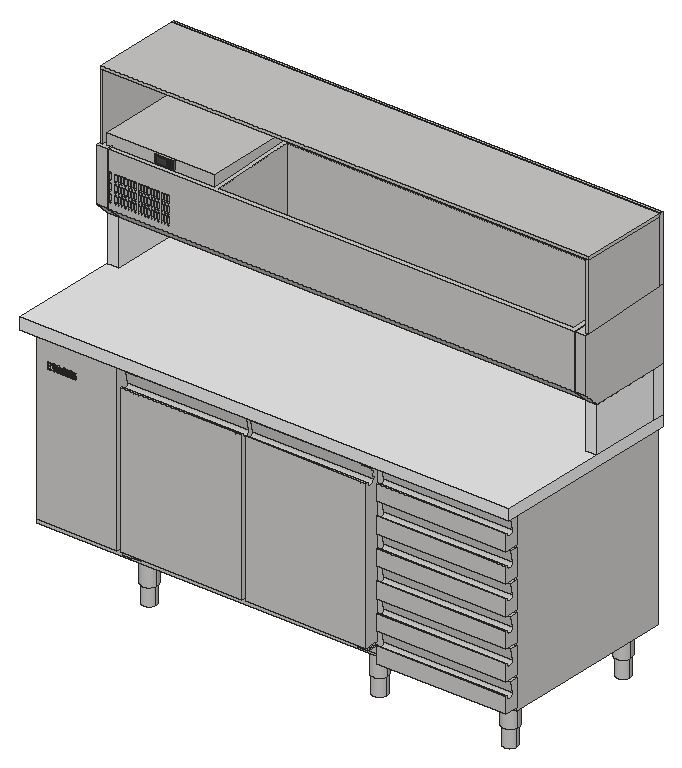
Revit family "QF_ELECTROLUXPROFESSIONAL_725188_RCSH2D6W", category Attrezzature speciali, Revit 2021
Family settings
  Quota connettore circolare = Usa diametro
  Tipo di parte = Normale
  Basato su piano di lavoro = No
  Sempre verticale = Sì
  Taglio con vuoti quando caricato = No
  Condiviso = No
  Punto di calcolo locali = No
Parameters (values of type "Standard")
  Weight = 331.00 kg
  Watts = 420 W
  Volts = 220 V
  URL Manufacturer = "https://www.electroluxprofessional.com/"
  URL = "https://www.electroluxprofessional.com/"
  Steam Supply Size = 0 mm
  Steam Supply Minimum Pressure = 0.0 Pa
  Steam Supply Maximum Pressure = 0.0 Pa
  Steam Consumption per Hour = 0
  Refrigeration Suction Line Size = 0 mm
  Refrigeration Liquid Line Size = 0 mm
  Refrigerant Compressor Remote = yes
  Prospetto di default = 0 mm
  Produttore = "Electrolux Professional"
  Phase = 1
  Modello = "RCSH2D6W"
  Length Actual = 1780 mm  # constant formula
  Item Number = "725188"
  Hot Water Size = 0 mm
  Height Actual = 1502 mm  # constant formula
  HP = "0.6 HP"
  Gas Size = 0 mm
  Gas KW = 0
  Gas Input Pressure = 0 W
  Direct Waste Size = 0 mm
  Descrizione = "REFRIGERATED COUNTER+SHOW CASE 2 DOORS 6 DRAWERS"
  Depth Actual = 700 mm  # constant formula
  Cycle = 50 Hz
  Condensate Return Size = 0 mm
  Compressed Air Volume = 0.0 L/s
  Compressed Air Size = 0 mm
  Compressed Air Pressure = 0.0 Pa
  Cold Water Size = 0 mm
  Accessory = yes
Reference planes
  plane 1: z = 0
  plane 2 "Center (Left/Right)": x = -86
  plane 3 "Center (Front/Back)": y = 64.5
  plane 4 "BACK": y = 414.5
  plane 5 "FRONT": y = -285.5
  plane 6 "LEFT": x = -976
  plane 7 "RIGHT": x = 804
  plane 8 "FEET": z = 150
  plane 9 "TOP": z = 840
  plane 10 "PLAIN": z = 800
  plane 11 "EI_back": y = 124.5
  plane 12 "EI_left": x = -892
  plane 13 "BorderBack": y = 412
  plane 14 "BorderFront": y = -283
  plane 15 "DOOR": y = -230.5
  plane 16 "BorderLeft": x = -961
  plane 17 "BorderRight": x = 789
  plane 18: x = -921
  plane 19: x = 696
  plane 20: z = 1005
  plane 21: z = 1502
  plane 22: y = 79.5
  plane 23: z = 1266
  plane 24: z = 1216
  plane 25: x = -588
  plane 26: x = 728
  plane 27: y = 331
  plane 28: y = -183
  plane 29 "DrainY": y = -26
  plane 30 "EIz": z = 1020.844
  plane 31 "DrainX": x = -166
  plane 32: x = 253
  plane 33: y = -683.115
  plane 34: y = -940.5
Forms (mm)
  Extrusion 1, solid, material "QF_Finishes_Stainless Steel"
    sketch origin (-1022.223, -1524, 150) x (-1, 0, 0) y (0, -1, 0)
      loop
        circle (-130.223, -1648.5) r 5
    from 870 to 865.223
  Extrusion 2, solid, material "QF_Finishes_Stainless Steel"
    sketch origin (-1022.223, -1524, 150) x (-1, 0, 0) y (0, -1, 0)
      loop
        line (-61.223, -1936) -> (-61.223, -1293.5) -> (-1811.223, -1293.5) -> (-1811.223, -1936) -> (-61.223, -1936)
    from 0 to 650
  Extrusion 3, solid, material "QF_Finished_Stone"
    sketch origin (-86, 0, 0) x (0, 1, 0) y (0, 0, 1)
      loop
        line (414.5, 800) -> (414.5, 840) -> (-285.5, 840) -> (-285.5, 800) -> (414.5, 800)
    from -890 to 890
  Extrusion 4, solid, material "QF_Finished_Stone"
    sketch origin (-86, 0, 0) x (0, 1, 0) y (0, 0, 1)
      loop
        line (414.5, 1005) -> (374.5, 1005) -> (374.5, 840) -> (414.5, 840) -> (414.5, 1005)
    from -890 to 890
  Extrusion 5, solid, material "QF_Finished_Stone"
    sketch origin (-976, 0, 0) x (0, 1, 0) y (0, 0, 1)
      loop
        line (374.5, 840) -> (374.5, 1005) -> (114.5, 1005) -> (114.5, 840) -> (374.5, 840)
    from 0 to 40
  Extrusion 6, solid, material "QF_Finished_Stone"
    sketch origin (804, 0, 0) x (0, 1, 0) y (0, 0, 1)
      loop
        line (374.5, 840) -> (374.5, 1005) -> (114.5, 1005) -> (114.5, 840) -> (374.5, 840)
    from 0 to -40
  Extrusion 7, solid, material "QF_Finishes_Stainless Steel"
    sketch origin (-976, 0, 0) x (0, 1, 0) y (0, 0, 1)
      loop
        line (414.5, 1005) -> (414.5, 1267.476) -> (64.5, 1249.81) -> (64.5, 1055) -> (114.5, 1005) -> (414.5, 1005)
    from 0 to 40
  Extrusion 8, solid, material "QF_Finishes_Stainless Steel"
    sketch origin (804, 0, 0) x (0, 1, 0) y (0, 0, 1)
      loop
        line (414.5, 1005) -> (414.5, 1267.476) -> (64.5, 1249.81) -> (64.5, 1055) -> (114.5, 1005) -> (414.5, 1005)
    from 0 to -40
  Extrusion 9, solid, material "QF_Finishes_Stainless Steel"
    sketch origin (-86, 0, 0) x (0, 1, 0) y (0, 0, 1)
      loop
        line (414.5, 1266.476) -> (414.5, 1502) -> (404.5, 1502) -> (404.5, 1266) -> (414.5, 1266.476)
    from 890 to -890
  Extrusion 10, solid, material "QF_Finishes_Stainless Steel"
    sketch origin (-86, 0, 0) x (0, 1, 0) y (0, 0, 1)
      loop
        line (414.5, 1502) -> (79.5, 1502) -> (79.5, 1492) -> (414.5, 1492) -> (414.5, 1502)
    from 890 to -890
  Extrusion 11, solid, material "QF_Finishes_Stainless Steel"
    sketch origin (-976, 0, 0) x (0, 1, 0) y (0, 0, 1)
      loop
        line (404.5, 1492) -> (79.5, 1492) -> (79.5, 1250.524) -> (404.5, 1266) -> (404.5, 1492)
    from 0 to 10
  Extrusion 12, solid, material "QF_Finishes_Stainless Steel"
    sketch origin (804, 0, 0) x (0, 1, 0) y (0, 0, 1)
      loop
        line (404.5, 1492) -> (79.5, 1492) -> (79.5, 1250.524) -> (404.5, 1266) -> (404.5, 1492)
    from 0 to -10
  Extrusion 13, solid, material "QF_Finishes_Stainless Steel"
    sketch origin (-976, 0, 0) x (0, 1, 0) y (0, 0, 1)
      loop
        line (414.5, 1005) -> (414.5, 1266.476) -> (64.5, 1249.81) -> (64.5, 1055) -> (114.5, 1005) -> (414.5, 1005)
    from 1740 to 40
  Extrusion 14, void
    sketch origin (-86, 0, 0) x (0, 1, 0) y (0, 0, 1)
      loop
        line (79.5, 1061.213) -> (120.713, 1020) -> (389.5, 1020) -> (389.5, 1265.286) -> (79.5, 1250.524) -> (79.5, 1061.213)
    from -460 to 835
  Extrusion 15, solid, material "QF_Finishes_Stainless Steel"
    sketch origin (-86, 0, 24.524) x (0, 1, 0) y (0, 0, 1)
      loop
        line (404.5, 1266) -> (79.5, 1266) -> (79.5, 1226) -> (404.5, 1241.476) -> (404.5, 1266)
    from -867 to -474.474
  Extrusion 16, void
    sketch origin (0, 64.5, 0) x (-1, 0, 0) y (0, 0, 1)
      loop
        arc (909.824, 1174.456) -> (905.824, 1178.456) -> (901.824, 1174.456) r 4
        line (901.824, 1174.456) -> (901.824, 1152.456)
        arc (901.824, 1152.456) -> (905.824, 1148.456) -> (909.824, 1152.456) r 4
        line (909.824, 1152.456) -> (909.824, 1174.456)
      loop
        arc (909.824, 1104.456) -> (905.824, 1108.456) -> (901.824, 1104.456) r 4
        line (901.824, 1104.456) -> (901.824, 1082.456)
        arc (901.824, 1082.456) -> (905.824, 1078.456) -> (909.824, 1082.456) r 4
        line (909.824, 1082.456) -> (909.824, 1104.456)
      loop
        arc (909.824, 1139.456) -> (905.824, 1143.456) -> (901.824, 1139.456) r 4
        line (901.824, 1139.456) -> (901.824, 1117.456)
        arc (901.824, 1117.456) -> (905.824, 1113.456) -> (909.824, 1117.456) r 4
        line (909.824, 1117.456) -> (909.824, 1139.456)
      loop
        arc (929.824, 1174.456) -> (925.824, 1178.456) -> (921.824, 1174.456) r 4
        line (921.824, 1174.456) -> (921.824, 1152.456)
        arc (921.824, 1152.456) -> (925.824, 1148.456) -> (929.824, 1152.456) r 4
        line (929.824, 1152.456) -> (929.824, 1174.456)
      loop
        arc (929.824, 1104.456) -> (925.824, 1108.456) -> (921.824, 1104.456) r 4
        line (921.824, 1104.456) -> (921.824, 1082.456)
        arc (921.824, 1082.456) -> (925.824, 1078.456) -> (929.824, 1082.456) r 4
        line (929.824, 1082.456) -> (929.824, 1104.456)
      loop
        arc (929.824, 1139.456) -> (925.824, 1143.456) -> (921.824, 1139.456) r 4
        line (921.824, 1139.456) -> (921.824, 1117.456)
        arc (921.824, 1117.456) -> (925.824, 1113.456) -> (929.824, 1117.456) r 4
        line (929.824, 1117.456) -> (929.824, 1139.456)
      loop
        arc (897.824, 1174.456) -> (893.824, 1178.456) -> (889.824, 1174.456) r 4
        line (889.824, 1174.456) -> (889.824, 1152.456)
        arc (889.824, 1152.456) -> (893.824, 1148.456) -> (897.824, 1152.456) r 4
        line (897.824, 1152.456) -> (897.824, 1174.456)
      loop
        arc (897.824, 1104.456) -> (893.824, 1108.456) -> (889.824, 1104.456) r 4
        line (889.824, 1104.456) -> (889.824, 1082.456)
        arc (889.824, 1082.456) -> (893.824, 1078.456) -> (897.824, 1082.456) r 4
        line (897.824, 1082.456) -> (897.824, 1104.456)
      loop
        arc (897.824, 1139.456) -> (893.824, 1143.456) -> (889.824, 1139.456) r 4
        line (889.824, 1139.456) -> (889.824, 1117.456)
        arc (889.824, 1117.456) -> (893.824, 1113.456) -> (897.824, 1117.456) r 4
        line (897.824, 1117.456) -> (897.824, 1139.456)
      loop
        arc (873.824, 1174.456) -> (869.824, 1178.456) -> (865.824, 1174.456) r 4
        line (865.824, 1174.456) -> (865.824, 1152.456)
        arc (865.824, 1152.456) -> (869.824, 1148.456) -> (873.824, 1152.456) r 4
        line (873.824, 1152.456) -> (873.824, 1174.456)
      loop
        arc (873.824, 1104.456) -> (869.824, 1108.456) -> (865.824, 1104.456) r 4
        line (865.824, 1104.456) -> (865.824, 1082.456)
        arc (865.824, 1082.456) -> (869.824, 1078.456) -> (873.824, 1082.456) r 4
        line (873.824, 1082.456) -> (873.824, 1104.456)
      loop
        arc (873.824, 1139.456) -> (869.824, 1143.456) -> (865.824, 1139.456) r 4
        line (865.824, 1139.456) -> (865.824, 1117.456)
        arc (865.824, 1117.456) -> (869.824, 1113.456) -> (873.824, 1117.456) r 4
        line (873.824, 1117.456) -> (873.824, 1139.456)
      loop
        arc (885.824, 1174.456) -> (881.824, 1178.456) -> (877.824, 1174.456) r 4
        line (877.824, 1174.456) -> (877.824, 1152.456)
        arc (877.824, 1152.456) -> (881.824, 1148.456) -> (885.824, 1152.456) r 4
        line (885.824, 1152.456) -> (885.824, 1174.456)
      loop
        arc (885.824, 1104.456) -> (881.824, 1108.456) -> (877.824, 1104.456) r 4
        line (877.824, 1104.456) -> (877.824, 1082.456)
        arc (877.824, 1082.456) -> (881.824, 1078.456) -> (885.824, 1082.456) r 4
        line (885.824, 1082.456) -> (885.824, 1104.456)
      loop
        arc (885.824, 1139.456) -> (881.824, 1143.456) -> (877.824, 1139.456) r 4
        line (877.824, 1139.456) -> (877.824, 1117.456)
        arc (877.824, 1117.456) -> (881.824, 1113.456) -> (885.824, 1117.456) r 4
        line (885.824, 1117.456) -> (885.824, 1139.456)
      loop
        arc (861.824, 1174.456) -> (857.824, 1178.456) -> (853.824, 1174.456) r 4
        line (853.824, 1174.456) -> (853.824, 1152.456)
        arc (853.824, 1152.456) -> (857.824, 1148.456) -> (861.824, 1152.456) r 4
        line (861.824, 1152.456) -> (861.824, 1174.456)
      loop
        arc (861.824, 1104.456) -> (857.824, 1108.456) -> (853.824, 1104.456) r 4
        line (853.824, 1104.456) -> (853.824, 1082.456)
        arc (853.824, 1082.456) -> (857.824, 1078.456) -> (861.824, 1082.456) r 4
        line (861.824, 1082.456) -> (861.824, 1104.456)
      loop
        arc (861.824, 1139.456) -> (857.824, 1143.456) -> (853.824, 1139.456) r 4
        line (853.824, 1139.456) -> (853.824, 1117.456)
        arc (853.824, 1117.456) -> (857.824, 1113.456) -> (861.824, 1117.456) r 4
        line (861.824, 1117.456) -> (861.824, 1139.456)
      loop
        arc (837.824, 1174.456) -> (833.824, 1178.456) -> (829.824, 1174.456) r 4
        line (829.824, 1174.456) -> (829.824, 1152.456)
        arc (829.824, 1152.456) -> (833.824, 1148.456) -> (837.824, 1152.456) r 4
        line (837.824, 1152.456) -> (837.824, 1174.456)
      loop
        arc (837.824, 1104.456) -> (833.824, 1108.456) -> (829.824, 1104.456) r 4
        line (829.824, 1104.456) -> (829.824, 1082.456)
        arc (829.824, 1082.456) -> (833.824, 1078.456) -> (837.824, 1082.456) r 4
        line (837.824, 1082.456) -> (837.824, 1104.456)
      loop
        arc (837.824, 1139.456) -> (833.824, 1143.456) -> (829.824, 1139.456) r 4
        line (829.824, 1139.456) -> (829.824, 1117.456)
        arc (829.824, 1117.456) -> (833.824, 1113.456) -> (837.824, 1117.456) r 4
        line (837.824, 1117.456) -> (837.824, 1139.456)
      loop
        arc (849.824, 1174.456) -> (845.824, 1178.456) -> (841.824, 1174.456) r 4
        line (841.824, 1174.456) -> (841.824, 1152.456)
        arc (841.824, 1152.456) -> (845.824, 1148.456) -> (849.824, 1152.456) r 4
        line (849.824, 1152.456) -> (849.824, 1174.456)
      loop
        arc (849.824, 1104.456) -> (845.824, 1108.456) -> (841.824, 1104.456) r 4
        line (841.824, 1104.456) -> (841.824, 1082.456)
        arc (841.824, 1082.456) -> (845.824, 1078.456) -> (849.824, 1082.456) r 4
        line (849.824, 1082.456) -> (849.824, 1104.456)
      loop
        arc (849.824, 1139.456) -> (845.824, 1143.456) -> (841.824, 1139.456) r 4
        line (841.824, 1139.456) -> (841.824, 1117.456)
        arc (841.824, 1117.456) -> (845.824, 1113.456) -> (849.824, 1117.456) r 4
        line (849.824, 1117.456) -> (849.824, 1139.456)
      loop
        arc (825.824, 1174.456) -> (821.824, 1178.456) -> (817.824, 1174.456) r 4
        line (817.824, 1174.456) -> (817.824, 1152.456)
        arc (817.824, 1152.456) -> (821.824, 1148.456) -> (825.824, 1152.456) r 4
        line (825.824, 1152.456) -> (825.824, 1174.456)
      loop
        arc (825.824, 1104.456) -> (821.824, 1108.456) -> (817.824, 1104.456) r 4
        line (817.824, 1104.456) -> (817.824, 1082.456)
        arc (817.824, 1082.456) -> (821.824, 1078.456) -> (825.824, 1082.456) r 4
        line (825.824, 1082.456) -> (825.824, 1104.456)
      loop
        arc (825.824, 1139.456) -> (821.824, 1143.456) -> (817.824, 1139.456) r 4
        line (817.824, 1139.456) -> (817.824, 1117.456)
        arc (817.824, 1117.456) -> (821.824, 1113.456) -> (825.824, 1117.456) r 4
        line (825.824, 1117.456) -> (825.824, 1139.456)
      loop
        arc (801.824, 1174.456) -> (797.824, 1178.456) -> (793.824, 1174.456) r 4
        line (793.824, 1174.456) -> (793.824, 1152.456)
        arc (793.824, 1152.456) -> (797.824, 1148.456) -> (801.824, 1152.456) r 4
        line (801.824, 1152.456) -> (801.824, 1174.456)
      loop
        arc (801.824, 1104.456) -> (797.824, 1108.456) -> (793.824, 1104.456) r 4
        line (793.824, 1104.456) -> (793.824, 1082.456)
        arc (793.824, 1082.456) -> (797.824, 1078.456) -> (801.824, 1082.456) r 4
        line (801.824, 1082.456) -> (801.824, 1104.456)
      loop
        arc (801.824, 1139.456) -> (797.824, 1143.456) -> (793.824, 1139.456) r 4
        line (793.824, 1139.456) -> (793.824, 1117.456)
        arc (793.824, 1117.456) -> (797.824, 1113.456) -> (801.824, 1117.456) r 4
        line (801.824, 1117.456) -> (801.824, 1139.456)
      loop
        arc (813.824, 1174.456) -> (809.824, 1178.456) -> (805.824, 1174.456) r 4
        line (805.824, 1174.456) -> (805.824, 1152.456)
        arc (805.824, 1152.456) -> (809.824, 1148.456) -> (813.824, 1152.456) r 4
        line (813.824, 1152.456) -> (813.824, 1174.456)
      loop
        arc (813.824, 1104.456) -> (809.824, 1108.456) -> (805.824, 1104.456) r 4
        line (805.824, 1104.456) -> (805.824, 1082.456)
        arc (805.824, 1082.456) -> (809.824, 1078.456) -> (813.824, 1082.456) r 4
        line (813.824, 1082.456) -> (813.824, 1104.456)
      loop
        arc (813.824, 1139.456) -> (809.824, 1143.456) -> (805.824, 1139.456) r 4
        line (805.824, 1139.456) -> (805.824, 1117.456)
        arc (805.824, 1117.456) -> (809.824, 1113.456) -> (813.824, 1117.456) r 4
        line (813.824, 1117.456) -> (813.824, 1139.456)
      loop
        arc (789.824, 1174.456) -> (785.824, 1178.456) -> (781.824, 1174.456) r 4
        line (781.824, 1174.456) -> (781.824, 1152.456)
        arc (781.824, 1152.456) -> (785.824, 1148.456) -> (789.824, 1152.456) r 4
        line (789.824, 1152.456) -> (789.824, 1174.456)
      loop
        arc (789.824, 1104.456) -> (785.824, 1108.456) -> (781.824, 1104.456) r 4
        line (781.824, 1104.456) -> (781.824, 1082.456)
        arc (781.824, 1082.456) -> (785.824, 1078.456) -> (789.824, 1082.456) r 4
        line (789.824, 1082.456) -> (789.824, 1104.456)
      loop
        arc (789.824, 1139.456) -> (785.824, 1143.456) -> (781.824, 1139.456) r 4
        line (781.824, 1139.456) -> (781.824, 1117.456)
        arc (781.824, 1117.456) -> (785.824, 1113.456) -> (789.824, 1117.456) r 4
        line (789.824, 1117.456) -> (789.824, 1139.456)
      loop
        arc (765.824, 1174.456) -> (761.824, 1178.456) -> (757.824, 1174.456) r 4
        line (757.824, 1174.456) -> (757.824, 1152.456)
        arc (757.824, 1152.456) -> (761.824, 1148.456) -> (765.824, 1152.456) r 4
        line (765.824, 1152.456) -> (765.824, 1174.456)
      loop
        arc (765.824, 1104.456) -> (761.824, 1108.456) -> (757.824, 1104.456) r 4
        line (757.824, 1104.456) -> (757.824, 1082.456)
        arc (757.824, 1082.456) -> (761.824, 1078.456) -> (765.824, 1082.456) r 4
        line (765.824, 1082.456) -> (765.824, 1104.456)
      loop
        arc (765.824, 1139.456) -> (761.824, 1143.456) -> (757.824, 1139.456) r 4
        line (757.824, 1139.456) -> (757.824, 1117.456)
        arc (757.824, 1117.456) -> (761.824, 1113.456) -> (765.824, 1117.456) r 4
        line (765.824, 1117.456) -> (765.824, 1139.456)
      loop
        arc (777.824, 1174.456) -> (773.824, 1178.456) -> (769.824, 1174.456) r 4
        line (769.824, 1174.456) -> (769.824, 1152.456)
        arc (769.824, 1152.456) -> (773.824, 1148.456) -> (777.824, 1152.456) r 4
        line (777.824, 1152.456) -> (777.824, 1174.456)
      loop
        arc (777.824, 1104.456) -> (773.824, 1108.456) -> (769.824, 1104.456) r 4
        line (769.824, 1104.456) -> (769.824, 1082.456)
        arc (769.824, 1082.456) -> (773.824, 1078.456) -> (777.824, 1082.456) r 4
        line (777.824, 1082.456) -> (777.824, 1104.456)
      loop
        arc (777.824, 1139.456) -> (773.824, 1143.456) -> (769.824, 1139.456) r 4
        line (769.824, 1139.456) -> (769.824, 1117.456)
        arc (769.824, 1117.456) -> (773.824, 1113.456) -> (777.824, 1117.456) r 4
        line (777.824, 1117.456) -> (777.824, 1139.456)
      loop
        arc (753.824, 1174.456) -> (749.824, 1178.456) -> (745.824, 1174.456) r 4
        line (745.824, 1174.456) -> (745.824, 1152.456)
        arc (745.824, 1152.456) -> (749.824, 1148.456) -> (753.824, 1152.456) r 4
        line (753.824, 1152.456) -> (753.824, 1174.456)
      loop
        arc (753.824, 1104.456) -> (749.824, 1108.456) -> (745.824, 1104.456) r 4
        line (745.824, 1104.456) -> (745.824, 1082.456)
        arc (745.824, 1082.456) -> (749.824, 1078.456) -> (753.824, 1082.456) r 4
        line (753.824, 1082.456) -> (753.824, 1104.456)
      loop
        arc (753.824, 1139.456) -> (749.824, 1143.456) -> (745.824, 1139.456) r 4
        line (745.824, 1139.456) -> (745.824, 1117.456)
        arc (745.824, 1117.456) -> (749.824, 1113.456) -> (753.824, 1117.456) r 4
        line (753.824, 1117.456) -> (753.824, 1139.456)
      loop
        arc (729.824, 1174.456) -> (725.824, 1178.456) -> (721.824, 1174.456) r 4
        line (721.824, 1174.456) -> (721.824, 1152.456)
        arc (721.824, 1152.456) -> (725.824, 1148.456) -> (729.824, 1152.456) r 4
        line (729.824, 1152.456) -> (729.824, 1174.456)
      loop
        arc (729.824, 1104.456) -> (725.824, 1108.456) -> (721.824, 1104.456) r 4
        line (721.824, 1104.456) -> (721.824, 1082.456)
        arc (721.824, 1082.456) -> (725.824, 1078.456) -> (729.824, 1082.456) r 4
        line (729.824, 1082.456) -> (729.824, 1104.456)
      loop
        arc (729.824, 1139.456) -> (725.824, 1143.456) -> (721.824, 1139.456) r 4
        line (721.824, 1139.456) -> (721.824, 1117.456)
        arc (721.824, 1117.456) -> (725.824, 1113.456) -> (729.824, 1117.456) r 4
        line (729.824, 1117.456) -> (729.824, 1139.456)
      loop
        arc (741.824, 1174.456) -> (737.824, 1178.456) -> (733.824, 1174.456) r 4
        line (733.824, 1174.456) -> (733.824, 1152.456)
        arc (733.824, 1152.456) -> (737.824, 1148.456) -> (741.824, 1152.456) r 4
        line (741.824, 1152.456) -> (741.824, 1174.456)
      loop
        arc (741.824, 1104.456) -> (737.824, 1108.456) -> (733.824, 1104.456) r 4
        line (733.824, 1104.456) -> (733.824, 1082.456)
        arc (733.824, 1082.456) -> (737.824, 1078.456) -> (741.824, 1082.456) r 4
        line (741.824, 1082.456) -> (741.824, 1104.456)
      loop
        arc (741.824, 1139.456) -> (737.824, 1143.456) -> (733.824, 1139.456) r 4
        line (733.824, 1139.456) -> (733.824, 1117.456)
        arc (733.824, 1117.456) -> (737.824, 1113.456) -> (741.824, 1117.456) r 4
        line (741.824, 1117.456) -> (741.824, 1139.456)
      loop
        arc (717.824, 1174.456) -> (713.824, 1178.456) -> (709.824, 1174.456) r 4
        line (709.824, 1174.456) -> (709.824, 1152.456)
        arc (709.824, 1152.456) -> (713.824, 1148.456) -> (717.824, 1152.456) r 4
        line (717.824, 1152.456) -> (717.824, 1174.456)
      loop
        arc (717.824, 1104.456) -> (713.824, 1108.456) -> (709.824, 1104.456) r 4
        line (709.824, 1104.456) -> (709.824, 1082.456)
        arc (709.824, 1082.456) -> (713.824, 1078.456) -> (717.824, 1082.456) r 4
        line (717.824, 1082.456) -> (717.824, 1104.456)
      loop
        arc (717.824, 1139.456) -> (713.824, 1143.456) -> (709.824, 1139.456) r 4
        line (709.824, 1139.456) -> (709.824, 1117.456)
        arc (709.824, 1117.456) -> (713.824, 1113.456) -> (717.824, 1117.456) r 4
        line (717.824, 1117.456) -> (717.824, 1139.456)
    from 0 to 15
  Extrusion 17, solid, material "QF_Finishes_Stainless Steel"
    sketch origin (-1102.223, -1524, 150) x (-1, 0, 0) y (0, -1, 0)
      loop
        circle (-936.223, -1498) r 10
    from 0 to -10
Cuts and joins
  Extrusion 14, Extrusion 16 cuts Extrusion 13
Lines and regions (mm)
  model lines, style "QF_Door-Drawer Clearances"
    curve 1: line (-86, 414.5, 1492) -> (-86, 414.5, 1502)
  symbolic lines, style "SpecialityEquipment"
    curve 2: line (-976, 414.5, 150) -> (804, 414.5, 150)
    curve 3: line (-976, -285.5, 150) -> (-976, 414.5, 150)
    curve 4: line (804, -285.5, 150) -> (-976, -285.5, 150)
    curve 5: line (804, 414.5, 150) -> (804, -285.5, 150)
  symbolic lines
    curve 6: line (-976, 64.5, 150) -> (804, 64.5, 150)
  symbolic lines, style "SpecialityEquipmentHiddenLines"
    curve 7: line (-976, -230.5, 150) -> (804, -230.5, 150)
Dimensions and locks
  equal spacing: plane 6 "LEFT", plane 2 "Center (Left/Right)", plane 7 "RIGHT"
  plane 4 "BACK" to plane 5 "FRONT" = 700 mm
  plane 8 "FEET" to level = 150 mm
  plane 4 "BACK" to plane 13 "BorderBack" = 2.5 mm
  plane 14 "BorderFront" to plane 5 "FRONT" = 2.5 mm
  plane 15 "DOOR" to plane 14 "BorderFront" = 52.5 mm
  plane 6 "LEFT" to plane 16 "BorderLeft" = 15 mm
  plane 17 "BorderRight" to plane 7 "RIGHT" = 15 mm
  plane 10 "PLAIN" to plane 8 "FEET" = 650 mm
  plane 9 "TOP" to plane 10 "PLAIN" = 40 mm
  locked: plane 16 "BorderLeft" to plane 18 at 40
  plane 19 to plane 17 "BorderRight" = 93 mm
  plane 6 "LEFT" to plane 7 "RIGHT" = 1780 mm
  equal spacing: plane 4 "BACK", plane 3 "Center (Front/Back)", plane 5 "FRONT"
  plane 6 "LEFT" to plane 12 "EI_left" = 84 mm
  plane 20 to plane 9 "TOP" = 165 mm
  plane 21 to plane 20 = 497 mm
  plane 23 to plane 20 = 261 mm
  plane 23 to plane 24 = 50 mm
  plane 25 to plane 16 "BorderLeft" = 373 mm
  plane 13 "BorderBack" to plane 27 = 81 mm
  plane 27 to plane 28 = 514 mm
  plane 28 to plane 14 "BorderFront" = 100 mm
  plane 13 "BorderBack" to plane 14 "BorderFront" = 695 mm
  Extrusion 2 to plane 29 "DrainY" = 438 mm
  plane 4 "BACK" to plane 11 "EI_back" = 290 mm
  plane 17 "BorderRight" to plane 16 "BorderLeft" = 1750 mm
  plane 17 "BorderRight" to plane 31 "DrainX" = 955 mm
  plane 4 "BACK" to plane 22 = 335 mm
  Extrusion 7 to plane 3 "Center (Front/Back)" = 350 mm
  plane 20 to level = 1005 mm
  plane 32 to plane 25 = 841 mm
  plane 26 to plane 32 = 475 mm
  plane 17 "BorderRight" to plane 26 = 61 mm
  plane 4 "BACK" to plane 34 = 1355 mm
  plane 4 "BACK" to plane 33 = 1097.615 mm
  plane 21 to plane 1 = 1502 mm
  aligned and locked: level to plane 1
  aligned and locked: Extrusion 3 to plane 6 "LEFT"
  aligned and locked: plane 7 "RIGHT" to Extrusion 3
  aligned and locked: plane 25 to nested 4
  aligned and locked: nested 2 to nested 4
  aligned and locked: plane 26 to nested 5
  aligned and locked: nested 3 to nested 5
  aligned and locked: nested 11 to nested 12
Automatic sketch dimensions
  curve 1 to plane 4 "BACK" = 0 mm
  curve 1 to plane 21 = 0 mm
  curve 1 to plane 21 = 10 mm
  Extrusion 1 sketch curve to plane 11 "EI_back" = 0 mm
  Extrusion 1 sketch curve to plane 12 "EI_left" = 0 mm
  Extrusion 2 sketch curve to plane 13 "BorderBack" = 0 mm
  Extrusion 2 sketch curve to plane 17 "BorderRight" = 0 mm
  Extrusion 2 sketch curve to plane 15 "DOOR" = 0 mm
  Extrusion 2 sketch curve to plane 16 "BorderLeft" = 0 mm
  Extrusion 3 sketch curve to plane 5 "FRONT" = 0 mm
  Extrusion 3 sketch curve to plane 4 "BACK" = 0 mm
  Extrusion 3 sketch curve to plane 10 "PLAIN" = 0 mm
  Extrusion 3 sketch curve to plane 9 "TOP" = 0 mm
  Extrusion 4 sketch curve to plane 20 = 0 mm
  Extrusion 4 sketch curve to plane 9 "TOP" = 0 mm
  Extrusion 4 sketch curve to plane 4 "BACK" = 0 mm
  Extrusion 4 sketch curve to plane 13 "BorderBack" = 37.5 mm
  Extrusion 5 sketch curve to plane 9 "TOP" = 0 mm
  Extrusion 5 sketch curve to plane 20 = 0 mm
  Extrusion 5 sketch curve to plane 11 "EI_back" = 10 mm
  Extrusion 5 sketch curve to plane 13 "BorderBack" = 37.5 mm
  Extrusion 6 sketch curve to plane 9 "TOP" = 0 mm
  Extrusion 6 sketch curve to plane 20 = 0 mm
  Extrusion 6 sketch curve to plane 11 "EI_back" = 10 mm
  Extrusion 6 sketch curve to plane 13 "BorderBack" = 37.5 mm
  Extrusion 7 sketch curve to plane 20 = 0 mm
  Extrusion 7 sketch curve to plane 11 "EI_back" = 10 mm
  plane 20 to Extrusion 7 sketch curve = 50 mm
  Extrusion 7 sketch curve to Extrusion 7 sketch curve = 194.81 mm
  Extrusion 7 sketch curve to plane 21 = 234.524 mm
  Extrusion 8 sketch curve to plane 20 = 0 mm
  Extrusion 8 sketch curve to plane 4 "BACK" = 0 mm
  Extrusion 8 sketch curve to plane 11 "EI_back" = 10 mm
  plane 20 to Extrusion 8 sketch curve = 50 mm
  Extrusion 8 sketch curve to Extrusion 8 sketch curve = 194.81 mm
  Extrusion 8 sketch curve to plane 21 = 234.524 mm
  Extrusion 9 sketch curve to plane 21 = 0 mm
  Extrusion 10 sketch curve to plane 21 = 0 mm
  Extrusion 10 sketch curve to plane 22 = 0 mm
  Extrusion 10 sketch curve to plane 4 "BACK" = 0 mm
  Extrusion 10 sketch curve to plane 21 = 10 mm
  Extrusion 11 sketch curve to plane 22 = 0 mm
  Extrusion 11 sketch curve to plane 21 = 10 mm
  Extrusion 12 sketch curve to plane 22 = 0 mm
  Extrusion 12 sketch curve to plane 21 = 10 mm
  Extrusion 13 sketch curve to plane 20 = 0 mm
  Extrusion 13 sketch curve to plane 4 "BACK" = 0 mm
  Extrusion 13 sketch curve to plane 11 "EI_back" = 10 mm
  plane 20 to Extrusion 13 sketch curve = 50 mm
  Extrusion 13 sketch curve to Extrusion 13 sketch curve = 194.81 mm
  Extrusion 15 sketch curve to plane 22 = 0 mm
  Extrusion 15 sketch curve to plane 23 = 0 mm
  Extrusion 15 sketch curve to plane 13 "BorderBack" = 7.5 mm
  Extrusion 15 sketch curve to plane 23 = 15.476 mm
  plane 23 to Extrusion 15 sketch curve = 24.524 mm
  Extrusion 7 sketch curve to plane 3 "Center (Front/Back)" = 0 mm
  Extrusion 7 sketch curve to plane 4 "BACK" = 0 mm
  Extrusion 11 sketch curve to plane 13 "BorderBack" = 7.5 mm
  Extrusion 11 sketch curve to plane 23 = 0 mm
  Extrusion 11 sketch curve to plane 23 = 15.476 mm
  Extrusion 9 sketch curve to plane 13 "BorderBack" = 7.5 mm
  plane 23 to Extrusion 9 sketch curve = 0.476 mm
  Extrusion 9 sketch curve to plane 23 = 0 mm
  Extrusion 9 sketch curve to plane 4 "BACK" = 0 mm
  Extrusion 12 sketch curve to plane 13 "BorderBack" = 7.5 mm
  Extrusion 12 sketch curve to plane 23 = 15.476 mm
  Extrusion 12 sketch curve to plane 23 = 0 mm
  plane 23 to Extrusion 13 sketch curve = 0.476 mm
  Extrusion 13 sketch curve to plane 3 "Center (Front/Back)" = 0 mm
  Extrusion 8 sketch curve to plane 3 "Center (Front/Back)" = 0 mm
  Extrusion 14 sketch curve to plane 11 "EI_back" = 3.787 mm
  Extrusion 14 sketch curve to plane 13 "BorderBack" = 22.5 mm
  plane 20 to Extrusion 14 sketch curve = 15 mm
  plane 20 to Extrusion 14 sketch curve = 56.213 mm
  Extrusion 14 sketch curve to plane 22 = 0 mm
  Extrusion 14 sketch curve to plane 23 = 15.476 mm
  Extrusion 14 sketch curve to plane 23 = 0.714 mm
  Extrusion 16 sketch curve to plane 24 = 41.544 mm  (x3)
  plane 12 "EI_left" to Extrusion 16 sketch curve = 182.176 mm
  Extrusion 16 sketch curve to Extrusion 16 sketch curve = 0 mm  (x82)
  Extrusion 16 sketch curve to Extrusion 16 sketch curve = 4 mm  (x96)
  plane 12 "EI_left" to Extrusion 16 sketch curve = 2.176 mm  (x3)
  Extrusion 16 sketch curve to plane 12 "EI_left" = 1.824 mm  (x3)
  Extrusion 16 sketch curve to plane 18 = 0.824 mm  (x3)
  Extrusion 16 sketch curve to Extrusion 16 sketch curve = 22 mm  (x10)
  Extrusion 16 sketch curve to Extrusion 16 sketch curve = 13 mm  (x15)
  Extrusion 17 sketch curve to plane 2 "Center (Left/Right)" = 80 mm
  plane 29 "DrainY" to Extrusion 17 sketch curve = 0 mm
  curve 5 to plane 4 "BACK" = 0 mm
  curve 5 to plane 7 "RIGHT" = 0 mm
  curve 3 to plane 6 "LEFT" = 0 mm
  curve 6 to plane 3 "Center (Front/Back)" = 0 mm
  curve 7 to plane 15 "DOOR" = 0 mm
  curve 5 to plane 5 "FRONT" = 0 mm
  radius of Extrusion 1 sketch curve = 5 mm
  radius of Extrusion 17 sketch curve = 10 mm
Nested families
  nested 1: "HP_Refrigerator" at (723, -280.5, 0), type "HP_Refrigerator"
  nested 2: "FEET_150PZ" at (-588, 331, 0), type "FEET_150PZ"
  nested 3: "FEET_150PZ" at (728, 331, 0), type "FEET_150PZ"
  nested 4: "FEET_150PZ" at (-588, -183, 0), type "FEET_150PZ"
  nested 5: "FEET_150PZ" at (728, -183, 0), type "FEET_150PZ"
  nested 6: "ELX_REF_PZ" at (-714.08, -230.5, 548) x (1, 0, 0) z (0, -1, 0), type "ELX_REF_PZ"
    with Show Logo yes
  nested 7: "SD_L_PZ" at (-393, -230.5, 458.88) x (1, 0, 0) z (0, -1, 0), type "SD_L_PZ"
    with Show Clearance yes
  nested 8: "SD_R_PZ" at (61, -230.5, 458.88) x (1, 0, 0) z (0, -1, 0), type "SD_R_PZ"
    with Show Clearance yes
  nested 9: "PZ_DISPLAY" at (-736, 79.5, 1249.81) x (1, 0, 0) z (0, -1, 0), type "PZ_DISPLAY"
    with Show Logo yes
  nested 10: "6DRAWER_PZ" at (554, -230.5, 475.503) x (1, 0, 0) z (0, -1, 0), type "6DRAWER_PZ"
    with Show Clearance yes
  nested 11: "FEET_150PZ" at (253, 331, 0), type "FEET_150PZ"
  nested 12: "FEET_150PZ" at (253, -183, 0), type "FEET_150PZ"
Connectors
  electrical at (-892, 124.5, 1015.223), driven by "Volts"
    settings: on Extrusion 1, index 1, voltage 220 V, apparent load 0 VA, apparent load phase1 0 VA, apparent load phase2 0 VA, apparent load phase3 0 VA, power factor 1, load classification "Other", number of poles 1, system type 31, power factor state 1, is connector primary yes, connector utility no, sub classification motor no, connector description "Electrical Connection"
  piping at (-166, -26, 140), diameter 20
    settings: on Extrusion 17, index 2, connector inside diameter 609.6 mm, connector length 0 mm, flow factor 0, pipe flow 0.0 L/s, pressure drop 0.0 Pa, fitting loss kfactor 0, connector angle 0.00°, fixture units 0, engagement length 0 mm, angle of deflection 0.00°, flow configuration 1, flow direction 2, fitting loss method 0, system type 16, joint type 0, gender type 0, connector reference index -1, connector utility 0, adjustable connector no, is connector primary yes, connector description "Drain"
Definition of nested family "FEET_150PZ"
  Parameters
    Default Elevation = 0 mm
    FEET = 150 mm
  Reference planes
    plane 1 "Center (Front/Back)": y = 0
    plane 2: z = 0
    plane 3 "Center (Left/Right)": x = 0
    plane 4: z = 150
  Forms (mm)
    Revolve 1, solid
      sketch origin (255.05, 0, 608.09) x (0, 0, 1) y (-1, 0, 0)
        loop
          line (-608.09, 255.05) -> (-608.09, 230.05) -> (-543.09, 230.05) -> (-543.09, 226.05) -> (-458.09, 226.05) -> (-458.09, 255.05) -> (-608.09, 255.05)
        axis (-608.09, 255.05) -> (-458.09, 255.05)
      angle from 0 to 360
  Dimensions and locks
    "FEET": plane 4 to plane 2
    aligned and locked: level to plane 2
    aligned and locked: plane 4 to Revolve 1 sketch curve
    aligned and locked: Revolve 1 sketch curve to level
    aligned and locked: plane 3 "Center (Left/Right)" to Revolve 1 sketch curve
  Automatic sketch dimensions
    Revolve 1 sketch curve to plane 3 "Center (Left/Right)" = 0 mm
    Revolve 1 sketch curve to Revolve 1 sketch curve = 25 mm
    Revolve 1 sketch curve to Revolve 1 sketch curve = 29 mm
    plane 4 to Revolve 1 sketch curve = 50 mm
    Revolve 1 sketch curve to Revolve 1 sketch curve = 20 mm
    level to Revolve 1 sketch curve = 65 mm
Definition of nested family "ELX_REF_PZ"
  Parameters
    Show Logo [instance] = yes
    Default Elevation = 1219.2 mm
  Reference planes
    plane 1 "Center (Front/Back)": y = -49
    plane 2: z = 0
    plane 3 "Center (Left/Right)": x = -59.92
    plane 4: x = -206.92
    plane 5: x = 87.08
    plane 6: y = 252
    plane 7: y = -350
  Forms (mm)
    Extrusion 1, solid
      sketch origin (0, 0, 0) x (1, 0, 0) y (0, 1, 0)
        loop
          line (-1219.2, 1219.2) -> (-1219.2, -1219.2) -> (1219.2, -1219.2) -> (1219.2, 1219.2) -> (-1219.2, 1219.2)
      from 0 to -304.8
    Extrusion 2, solid
      sketch origin (0, 0, 0) x (1, 0, 0) y (0, 1, 0)
        loop
          line (-206.92, 252) -> (-206.92, -350) -> (87.08, -350) -> (87.08, 252) -> (-206.92, 252)
      from 0 to 50
    Extrusion 3, solid
      sketch origin (0, -139.675, 0) x (1, 0, 0) y (0, 1, 0)
        loop
          line (-151.789, 316.773) -> (-151.789, 296.978)
          arc (-151.789, 296.978) -> (-144.471, 306.876) -> (-151.789, 316.773) r 10.352
        loop
          arc (-152.795, 316.773) -> (-161.028, 314.902) -> (-164.994, 307.45) r 10.145
          line (-164.994, 307.45) -> (-161.719, 307.45)
          arc (-161.719, 307.45) -> (-155.869, 309.824) -> (-152.795, 315.34) r 9.509
          line (-152.795, 315.34) -> (-152.795, 316.773)
        loop
          arc (-152.795, 298.412) -> (-155.869, 303.927) -> (-161.719, 306.302) r 9.509
          line (-161.719, 306.302) -> (-164.994, 306.302)
          arc (-164.994, 306.302) -> (-161.034, 298.788) -> (-152.795, 296.724) r 10.411
          line (-152.795, 296.724) -> (-152.795, 298.412)
        loop
          line (-165.745, 317.853) -> (-165.745, 295.853) -> (-143.715, 295.853) -> (-143.715, 317.853) -> (-165.745, 317.853)
      from 50 to 51.6
    Extrusion 4, solid
      sketch origin (0, -139.675, 0) x (1, 0, 0) y (0, 1, 0)
        loop
          line (-130.886, 317.823) -> (-138.322, 317.823) -> (-138.322, 309.164)
          arc (-138.322, 309.164) -> (-137.343, 306.802) -> (-134.981, 305.823) r 3.341
          line (-134.981, 305.823) -> (-130.742, 305.823) -> (-130.742, 307.765) -> (-134.497, 307.765)
          arc (-134.497, 307.765) -> (-135.731, 308.182) -> (-136.256, 309.374) r 1.615
          line (-136.256, 309.374) -> (-136.256, 311.091) -> (-131.207, 311.091) -> (-131.207, 313.041) -> (-136.256, 313.041) -> (-136.256, 315.879) -> (-130.886, 315.879) -> (-130.886, 317.823)
        loop
          line (-129.274, 317.823) -> (-129.274, 305.823) -> (-127.207, 305.823) -> (-127.207, 317.823) -> (-129.274, 317.823)
        loop
          line (-84.382, 317.823) -> (-84.382, 305.823) -> (-82.314, 305.823) -> (-82.314, 317.823) -> (-84.382, 317.823)
        loop
          line (-123.789, 309.655) -> (-117.006, 309.655)
          arc (-117.006, 309.655) -> (-118.067, 313.381) -> (-121.695, 314.74) r 4.298
          arc (-121.695, 314.74) -> (-124.891, 313.12) -> (-125.803, 309.655) r 4.373
          arc (-125.803, 309.655) -> (-124.603, 306.758) -> (-121.705, 305.558) r 4.097
          arc (-121.705, 305.558) -> (-119.451, 305.89) -> (-117.56, 307.163) r 5.15
          line (-117.56, 307.163) -> (-118.785, 308.388)
          arc (-118.785, 308.388) -> (-120.392, 307.423) -> (-122.259, 307.586) r 3.039
          arc (-122.259, 307.586) -> (-123.398, 308.344) -> (-123.789, 309.655) r 2.013
        loop
          line (-123.737, 311.108) -> (-119.083, 311.108)
          arc (-119.083, 311.108) -> (-119.736, 312.483) -> (-121.171, 312.989) r 1.983
          arc (-121.171, 312.989) -> (-122.827, 312.557) -> (-123.737, 311.108) r 2.321
        loop
          line (-108.949, 311.973) -> (-107.651, 313.271)
          arc (-107.651, 313.271) -> (-109.279, 314.449) -> (-111.257, 314.801) r 4.497
          arc (-111.257, 314.801) -> (-114.273, 313.699) -> (-115.856, 310.905) r 4.652
          arc (-115.856, 310.905) -> (-113.188, 306.006) -> (-107.724, 307.135) r 4.684
          line (-107.724, 307.135) -> (-109.015, 308.426)
          arc (-109.015, 308.426) -> (-111.801, 307.504) -> (-113.797, 309.655) r 2.714
          arc (-113.797, 309.655) -> (-113.658, 311.356) -> (-112.487, 312.597) r 2.578
          arc (-112.487, 312.597) -> (-110.613, 312.883) -> (-108.949, 311.973) r 2.961
        loop
          line (-106.382, 317.823) -> (-106.382, 309.623)
          arc (-106.382, 309.623) -> (-106.203, 308.392) -> (-105.742, 307.237) r 5.301
          arc (-105.742, 307.237) -> (-104.267, 306.064) -> (-102.399, 305.818) r 3.531
          line (-102.399, 305.818) -> (-102.399, 307.754)
          arc (-102.399, 307.754) -> (-102.954, 307.797) -> (-103.472, 308.002) r 1.862
          arc (-103.472, 308.002) -> (-104.137, 308.705) -> (-104.315, 309.655) r 1.713
          line (-104.315, 309.655) -> (-104.315, 312.624) -> (-102.437, 312.624) -> (-102.437, 314.502) -> (-104.315, 314.502) -> (-104.315, 317.823) -> (-106.382, 317.823)
        loop
          arc (-98.648, 310.385) -> (-98.5, 311.25) -> (-98.074, 312.017) r 2.607
          arc (-98.074, 312.017) -> (-96.836, 312.653) -> (-95.444, 312.624) r 2.84
          line (-95.444, 312.624) -> (-95.444, 314.611)
          arc (-95.444, 314.611) -> (-97.262, 314.44) -> (-98.648, 313.251) r 3.016
          line (-98.648, 313.251) -> (-98.648, 314.502) -> (-100.698, 314.502) -> (-100.698, 305.823) -> (-98.648, 305.823) -> (-98.648, 310.385)
        loop
          circle (-90.39, 310.161) r 4.599
        loop
          circle (-90.39, 310.161) r 2.787
        loop
          arc (-74.859, 309.437) -> (-75.369, 308.034) -> (-76.754, 307.475) r 1.835
          arc (-76.754, 307.475) -> (-78.138, 308.034) -> (-78.649, 309.437) r 1.835
          line (-78.649, 309.437) -> (-78.649, 314.502) -> (-80.733, 314.502) -> (-80.733, 309.265)
          arc (-80.733, 309.265) -> (-79.547, 306.561) -> (-76.754, 305.603) r 3.675
          arc (-76.754, 305.603) -> (-73.929, 306.59) -> (-72.775, 309.35) r 3.675
          line (-72.775, 309.35) -> (-72.775, 314.502) -> (-74.859, 314.502) -> (-74.859, 309.437)
        loop
          line (-71.526, 314.502) -> (-68.524, 310.427) -> (-71.822, 305.82) -> (-69.6, 305.82) -> (-67.411, 308.877) -> (-65.19, 305.82) -> (-62.982, 305.82) -> (-66.233, 310.474) -> (-63.26, 314.502) -> (-65.517, 314.502) -> (-67.418, 311.925) -> (-69.29, 314.502) -> (-71.526, 314.502)
        loop
          line (-137.16, 300.848) -> (-138.808, 300.848) -> (-138.808, 296.698) -> (-137.906, 296.698) -> (-137.906, 298.127) -> (-136.909, 298.127)
          arc (-136.909, 298.127) -> (-135.793, 299.602) -> (-137.16, 300.848) r 1.372
        loop
          arc (-136.948, 298.943) -> (-136.607, 299.476) -> (-136.948, 300.01) r 0.587
          line (-136.948, 300.01) -> (-137.906, 300.01) -> (-137.906, 298.943) -> (-136.948, 298.943)
        loop
          line (-130.648, 300.848) -> (-132.324, 300.848) -> (-132.324, 296.698) -> (-131.422, 296.698) -> (-131.422, 298.127) -> (-130.55, 298.127) -> (-129.953, 296.698) -> (-128.984, 296.698) -> (-129.8, 298.448)
          arc (-129.8, 298.448) -> (-129.409, 298.915) -> (-129.278, 299.51) r 1.281
          arc (-129.278, 299.51) -> (-129.69, 300.458) -> (-130.648, 300.848) r 1.37
        loop
          line (-131.422, 300.01) -> (-131.422, 298.943) -> (-130.465, 298.943)
          arc (-130.465, 298.943) -> (-130.123, 299.476) -> (-130.465, 300.01) r 0.587
          line (-130.465, 300.01) -> (-131.422, 300.01)
        loop
          circle (-123.686, 298.773) r 2.156
        loop
          circle (-123.686, 298.773) r 1.368
        loop
          line (-117.987, 300.848) -> (-117.987, 296.698) -> (-117.107, 296.698) -> (-117.107, 298.148) -> (-115.545, 298.148) -> (-115.545, 299.078) -> (-117.107, 299.078) -> (-117.107, 299.954) -> (-115.395, 299.954) -> (-115.395, 300.848) -> (-117.987, 300.848)
        loop
          line (-111.895, 300.848) -> (-111.895, 298.046)
          arc (-111.895, 298.046) -> (-111.513, 297.096) -> (-110.568, 296.701) r 1.327
          line (-110.568, 296.701) -> (-109.229, 296.701) -> (-109.229, 297.485) -> (-110.488, 297.485)
          arc (-110.488, 297.485) -> (-110.952, 297.868) -> (-111.043, 298.463) r 0.845
          line (-111.043, 298.463) -> (-109.384, 298.463) -> (-109.384, 299.247) -> (-111.043, 299.247) -> (-111.043, 300.064) -> (-109.269, 300.064) -> (-109.269, 300.848) -> (-111.895, 300.848)
        loop
          arc (-96.867, 300.323) -> (-97.417, 300.773) -> (-98.113, 300.917) r 1.485
          arc (-98.113, 300.917) -> (-98.756, 300.759) -> (-99.285, 300.361) r 1.645
          arc (-99.285, 300.361) -> (-99.382, 299.418) -> (-98.775, 298.691) r 1.217
          arc (-98.775, 298.691) -> (-98.263, 298.521) -> (-97.778, 298.286) r 4.201
          arc (-97.778, 298.286) -> (-97.472, 297.925) -> (-97.683, 297.502) r 0.43
          arc (-97.683, 297.502) -> (-98.075, 297.409) -> (-98.465, 297.508) r 0.846
          arc (-98.465, 297.508) -> (-98.803, 297.751) -> (-99.009, 298.112) r 0.983
          line (-99.009, 298.112) -> (-99.735, 297.774)
          arc (-99.735, 297.774) -> (-99.474, 297.269) -> (-99.052, 296.889) r 1.595
          arc (-99.052, 296.889) -> (-98.574, 296.684) -> (-98.057, 296.632) r 1.719
          arc (-98.057, 296.632) -> (-97.418, 296.76) -> (-96.842, 297.066) r 2.246
          arc (-96.842, 297.066) -> (-96.587, 297.742) -> (-96.719, 298.453) r 1.349
          arc (-96.719, 298.453) -> (-97.002, 298.78) -> (-97.365, 299.017) r 1.564
          arc (-97.365, 299.017) -> (-97.824, 299.222) -> (-98.295, 299.398) r 8.236
          arc (-98.295, 299.398) -> (-98.566, 299.821) -> (-98.174, 300.134) r 0.375
          arc (-98.174, 300.134) -> (-97.703, 300.021) -> (-97.341, 299.7) r 0.998
          line (-97.341, 299.7) -> (-96.867, 300.323)
        loop
          line (-93.06, 300.848) -> (-93.06, 296.701) -> (-92.207, 296.701) -> (-92.207, 300.848) -> (-93.06, 300.848)
        loop
          circle (-86.457, 298.775) r 1.29
        loop
          circle (-86.457, 298.775) r 2.154
        loop
          line (-80.737, 296.701) -> (-79.875, 296.701) -> (-79.875, 299.309) -> (-77.978, 296.701) -> (-77.149, 296.701) -> (-77.149, 300.848) -> (-78.01, 300.848) -> (-78.01, 298.162) -> (-79.907, 300.848) -> (-80.737, 300.848) -> (-80.737, 296.701)
        loop
          line (-72.849, 296.701) -> (-72.446, 297.596) -> (-70.912, 297.596) -> (-70.508, 296.701) -> (-69.591, 296.701) -> (-71.343, 300.848) -> (-72.143, 300.848) -> (-73.765, 296.701) -> (-72.849, 296.701)
        loop
          line (-71.294, 298.447) -> (-71.705, 299.358) -> (-72.104, 298.447) -> (-71.294, 298.447)
        loop
          line (-65.356, 297.485) -> (-65.356, 300.848) -> (-66.209, 300.848) -> (-66.209, 296.701) -> (-63.761, 296.701) -> (-63.761, 297.485) -> (-65.356, 297.485)
        loop
          arc (-103.085, 300.323) -> (-103.634, 300.773) -> (-104.331, 300.917) r 1.485
          arc (-104.331, 300.917) -> (-104.973, 300.759) -> (-105.502, 300.361) r 1.645
          arc (-105.502, 300.361) -> (-105.6, 299.418) -> (-104.992, 298.691) r 1.217
          arc (-104.992, 298.691) -> (-104.481, 298.521) -> (-103.996, 298.286) r 4.201
          arc (-103.996, 298.286) -> (-103.689, 297.925) -> (-103.901, 297.502) r 0.43
          arc (-103.901, 297.502) -> (-104.293, 297.409) -> (-104.683, 297.508) r 0.846
          arc (-104.683, 297.508) -> (-105.02, 297.751) -> (-105.227, 298.112) r 0.983
          line (-105.227, 298.112) -> (-105.953, 297.774)
          arc (-105.953, 297.774) -> (-105.691, 297.269) -> (-105.27, 296.889) r 1.595
          arc (-105.27, 296.889) -> (-104.792, 296.684) -> (-104.274, 296.632) r 1.719
          arc (-104.274, 296.632) -> (-103.635, 296.76) -> (-103.059, 297.066) r 2.246
          arc (-103.059, 297.066) -> (-102.805, 297.742) -> (-102.936, 298.453) r 1.349
          arc (-102.936, 298.453) -> (-103.22, 298.78) -> (-103.583, 299.017) r 1.564
          arc (-103.583, 299.017) -> (-104.042, 299.222) -> (-104.512, 299.398) r 8.236
          arc (-104.512, 299.398) -> (-104.784, 299.821) -> (-104.391, 300.134) r 0.375
          arc (-104.391, 300.134) -> (-103.92, 300.021) -> (-103.559, 299.7) r 0.998
          line (-103.559, 299.7) -> (-103.085, 300.323)
      from 50 to 51.6
  Lines and regions (mm)
    Split face 1
      outline origin (0, -8, 50) x (1, 0, 0) y (0, 1, 0)
        loop
          arc (-163.464, 131.824) -> (-167.464, 127.824) -> (-163.464, 123.824) r 4
          line (-163.464, 123.824) -> (-121.464, 123.824)
          arc (-121.464, 123.824) -> (-117.464, 127.824) -> (-121.464, 131.824) r 4
          line (-121.464, 131.824) -> (-163.464, 131.824)
    Split face 2
      outline origin (330, -8, 50) x (1, 0, 0) y (0, 1, 0)
        loop
          arc (-328.464, 131.824) -> (-332.464, 127.824) -> (-328.464, 123.824) r 4
          line (-328.464, 123.824) -> (-286.464, 123.824)
          arc (-286.464, 123.824) -> (-282.464, 127.824) -> (-286.464, 131.824) r 4
          line (-286.464, 131.824) -> (-328.464, 131.824)
    Split face 3
      outline origin (110, -8, 50) x (1, 0, 0) y (0, 1, 0)
        loop
          arc (-218.464, 131.824) -> (-222.464, 127.824) -> (-218.464, 123.824) r 4
          line (-218.464, 123.824) -> (-176.464, 123.824)
          arc (-176.464, 123.824) -> (-172.464, 127.824) -> (-176.464, 131.824) r 4
          line (-176.464, 131.824) -> (-218.464, 131.824)
    Split face 4
      outline origin (220, -8, 50) x (1, 0, 0) y (0, 1, 0)
        loop
          arc (-273.464, 131.824) -> (-277.464, 127.824) -> (-273.464, 123.824) r 4
          line (-273.464, 123.824) -> (-231.464, 123.824)
          arc (-231.464, 123.824) -> (-227.464, 127.824) -> (-231.464, 131.824) r 4
          line (-231.464, 131.824) -> (-273.464, 131.824)
    Split face 5
      outline origin (0, -32, 50) x (1, 0, 0) y (0, 1, 0)
        loop
          arc (-163.464, 143.824) -> (-167.464, 139.824) -> (-163.464, 135.824) r 4
          line (-163.464, 135.824) -> (-121.464, 135.824)
          arc (-121.464, 135.824) -> (-117.464, 139.824) -> (-121.464, 143.824) r 4
          line (-121.464, 143.824) -> (-163.464, 143.824)
    Split face 6
      outline origin (330, -32, 50) x (1, 0, 0) y (0, 1, 0)
        loop
          arc (-328.464, 143.824) -> (-332.464, 139.824) -> (-328.464, 135.824) r 4
          line (-328.464, 135.824) -> (-286.464, 135.824)
          arc (-286.464, 135.824) -> (-282.464, 139.824) -> (-286.464, 143.824) r 4
          line (-286.464, 143.824) -> (-328.464, 143.824)
    Split face 7
      outline origin (110, -32, 50) x (1, 0, 0) y (0, 1, 0)
        loop
          arc (-218.464, 143.824) -> (-222.464, 139.824) -> (-218.464, 135.824) r 4
          line (-218.464, 135.824) -> (-176.464, 135.824)
          arc (-176.464, 135.824) -> (-172.464, 139.824) -> (-176.464, 143.824) r 4
          line (-176.464, 143.824) -> (-218.464, 143.824)
    Split face 8
      outline origin (220, -32, 50) x (1, 0, 0) y (0, 1, 0)
        loop
          arc (-273.464, 143.824) -> (-277.464, 139.824) -> (-273.464, 135.824) r 4
          line (-273.464, 135.824) -> (-231.464, 135.824)
          arc (-231.464, 135.824) -> (-227.464, 139.824) -> (-231.464, 143.824) r 4
          line (-231.464, 143.824) -> (-273.464, 143.824)
    Split face 9
      outline origin (0, -56, 50) x (1, 0, 0) y (0, 1, 0)
        loop
          arc (-163.464, 155.824) -> (-167.464, 151.824) -> (-163.464, 147.824) r 4
          line (-163.464, 147.824) -> (-121.464, 147.824)
          arc (-121.464, 147.824) -> (-117.464, 151.824) -> (-121.464, 155.824) r 4
          line (-121.464, 155.824) -> (-163.464, 155.824)
    Split face 10
      outline origin (330, -56, 50) x (1, 0, 0) y (0, 1, 0)
        loop
          arc (-328.464, 155.824) -> (-332.464, 151.824) -> (-328.464, 147.824) r 4
          line (-328.464, 147.824) -> (-286.464, 147.824)
          arc (-286.464, 147.824) -> (-282.464, 151.824) -> (-286.464, 155.824) r 4
          line (-286.464, 155.824) -> (-328.464, 155.824)
    Split face 11
      outline origin (110, -56, 50) x (1, 0, 0) y (0, 1, 0)
        loop
          arc (-218.464, 155.824) -> (-222.464, 151.824) -> (-218.464, 147.824) r 4
          line (-218.464, 147.824) -> (-176.464, 147.824)
          arc (-176.464, 147.824) -> (-172.464, 151.824) -> (-176.464, 155.824) r 4
          line (-176.464, 155.824) -> (-218.464, 155.824)
    Split face 12
      outline origin (220, -56, 50) x (1, 0, 0) y (0, 1, 0)
        loop
          arc (-273.464, 155.824) -> (-277.464, 151.824) -> (-273.464, 147.824) r 4
          line (-273.464, 147.824) -> (-231.464, 147.824)
          arc (-231.464, 147.824) -> (-227.464, 151.824) -> (-231.464, 155.824) r 4
          line (-231.464, 155.824) -> (-273.464, 155.824)
    Split face 13
      outline origin (0, -80, 50) x (1, 0, 0) y (0, 1, 0)
        loop
          arc (-163.464, 167.824) -> (-167.464, 163.824) -> (-163.464, 159.824) r 4
          line (-163.464, 159.824) -> (-121.464, 159.824)
          arc (-121.464, 159.824) -> (-117.464, 163.824) -> (-121.464, 167.824) r 4
          line (-121.464, 167.824) -> (-163.464, 167.824)
    Split face 14
      outline origin (330, -80, 50) x (1, 0, 0) y (0, 1, 0)
        loop
          arc (-328.464, 167.824) -> (-332.464, 163.824) -> (-328.464, 159.824) r 4
          line (-328.464, 159.824) -> (-286.464, 159.824)
          arc (-286.464, 159.824) -> (-282.464, 163.824) -> (-286.464, 167.824) r 4
          line (-286.464, 167.824) -> (-328.464, 167.824)
    Split face 15
      outline origin (110, -80, 50) x (1, 0, 0) y (0, 1, 0)
        loop
          arc (-218.464, 167.824) -> (-222.464, 163.824) -> (-218.464, 159.824) r 4
          line (-218.464, 159.824) -> (-176.464, 159.824)
          arc (-176.464, 159.824) -> (-172.464, 163.824) -> (-176.464, 167.824) r 4
          line (-176.464, 167.824) -> (-218.464, 167.824)
    Split face 16
      outline origin (220, -80, 50) x (1, 0, 0) y (0, 1, 0)
        loop
          arc (-273.464, 167.824) -> (-277.464, 163.824) -> (-273.464, 159.824) r 4
          line (-273.464, 159.824) -> (-231.464, 159.824)
          arc (-231.464, 159.824) -> (-227.464, 163.824) -> (-231.464, 167.824) r 4
          line (-231.464, 167.824) -> (-273.464, 167.824)
    Split face 17
      outline origin (0, -104, 50) x (1, 0, 0) y (0, 1, 0)
        loop
          arc (-163.464, 179.824) -> (-167.464, 175.824) -> (-163.464, 171.824) r 4
          line (-163.464, 171.824) -> (-121.464, 171.824)
          arc (-121.464, 171.824) -> (-117.464, 175.824) -> (-121.464, 179.824) r 4
          line (-121.464, 179.824) -> (-163.464, 179.824)
    Split face 18
      outline origin (330, -104, 50) x (1, 0, 0) y (0, 1, 0)
        loop
          arc (-328.464, 179.824) -> (-332.464, 175.824) -> (-328.464, 171.824) r 4
          line (-328.464, 171.824) -> (-286.464, 171.824)
          arc (-286.464, 171.824) -> (-282.464, 175.824) -> (-286.464, 179.824) r 4
          line (-286.464, 179.824) -> (-328.464, 179.824)
    Split face 19
      outline origin (110, -104, 50) x (1, 0, 0) y (0, 1, 0)
        loop
          arc (-218.464, 179.824) -> (-222.464, 175.824) -> (-218.464, 171.824) r 4
          line (-218.464, 171.824) -> (-176.464, 171.824)
          arc (-176.464, 171.824) -> (-172.464, 175.824) -> (-176.464, 179.824) r 4
          line (-176.464, 179.824) -> (-218.464, 179.824)
    Split face 20
      outline origin (220, -104, 50) x (1, 0, 0) y (0, 1, 0)
        loop
          arc (-273.464, 179.824) -> (-277.464, 175.824) -> (-273.464, 171.824) r 4
          line (-273.464, 171.824) -> (-231.464, 171.824)
          arc (-231.464, 171.824) -> (-227.464, 175.824) -> (-231.464, 179.824) r 4
          line (-231.464, 179.824) -> (-273.464, 179.824)
    Split face 21
      outline origin (0, -128, 50) x (1, 0, 0) y (0, 1, 0)
        loop
          arc (-163.464, 191.824) -> (-167.464, 187.824) -> (-163.464, 183.824) r 4
          line (-163.464, 183.824) -> (-121.464, 183.824)
          arc (-121.464, 183.824) -> (-117.464, 187.824) -> (-121.464, 191.824) r 4
          line (-121.464, 191.824) -> (-163.464, 191.824)
    Split face 22
      outline origin (330, -128, 50) x (1, 0, 0) y (0, 1, 0)
        loop
          arc (-328.464, 191.824) -> (-332.464, 187.824) -> (-328.464, 183.824) r 4
          line (-328.464, 183.824) -> (-286.464, 183.824)
          arc (-286.464, 183.824) -> (-282.464, 187.824) -> (-286.464, 191.824) r 4
          line (-286.464, 191.824) -> (-328.464, 191.824)
    Split face 23
      outline origin (110, -128, 50) x (1, 0, 0) y (0, 1, 0)
        loop
          arc (-218.464, 191.824) -> (-222.464, 187.824) -> (-218.464, 183.824) r 4
          line (-218.464, 183.824) -> (-176.464, 183.824)
          arc (-176.464, 183.824) -> (-172.464, 187.824) -> (-176.464, 191.824) r 4
          line (-176.464, 191.824) -> (-218.464, 191.824)
    Split face 24
      outline origin (220, -128, 50) x (1, 0, 0) y (0, 1, 0)
        loop
          arc (-273.464, 191.824) -> (-277.464, 187.824) -> (-273.464, 183.824) r 4
          line (-273.464, 183.824) -> (-231.464, 183.824)
          arc (-231.464, 183.824) -> (-227.464, 187.824) -> (-231.464, 191.824) r 4
          line (-231.464, 191.824) -> (-273.464, 191.824)
    Split face 25
      outline origin (0, -152, 50) x (1, 0, 0) y (0, 1, 0)
        loop
          arc (-163.464, 203.824) -> (-167.464, 199.824) -> (-163.464, 195.824) r 4
          line (-163.464, 195.824) -> (-121.464, 195.824)
          arc (-121.464, 195.824) -> (-117.464, 199.824) -> (-121.464, 203.824) r 4
          line (-121.464, 203.824) -> (-163.464, 203.824)
    Split face 26
      outline origin (330, -152, 50) x (1, 0, 0) y (0, 1, 0)
        loop
          arc (-328.464, 203.824) -> (-332.464, 199.824) -> (-328.464, 195.824) r 4
          line (-328.464, 195.824) -> (-286.464, 195.824)
          arc (-286.464, 195.824) -> (-282.464, 199.824) -> (-286.464, 203.824) r 4
          line (-286.464, 203.824) -> (-328.464, 203.824)
    Split face 27
      outline origin (110, -152, 50) x (1, 0, 0) y (0, 1, 0)
        loop
          arc (-218.464, 203.824) -> (-222.464, 199.824) -> (-218.464, 195.824) r 4
          line (-218.464, 195.824) -> (-176.464, 195.824)
          arc (-176.464, 195.824) -> (-172.464, 199.824) -> (-176.464, 203.824) r 4
          line (-176.464, 203.824) -> (-218.464, 203.824)
    Split face 28
      outline origin (220, -152, 50) x (1, 0, 0) y (0, 1, 0)
        loop
          arc (-273.464, 203.824) -> (-277.464, 199.824) -> (-273.464, 195.824) r 4
          line (-273.464, 195.824) -> (-231.464, 195.824)
          arc (-231.464, 195.824) -> (-227.464, 199.824) -> (-231.464, 203.824) r 4
          line (-231.464, 203.824) -> (-273.464, 203.824)
    Split face 29
      outline origin (0, -176, 50) x (1, 0, 0) y (0, 1, 0)
        loop
          arc (-163.464, 215.824) -> (-167.464, 211.824) -> (-163.464, 207.824) r 4
          line (-163.464, 207.824) -> (-121.464, 207.824)
          arc (-121.464, 207.824) -> (-117.464, 211.824) -> (-121.464, 215.824) r 4
          line (-121.464, 215.824) -> (-163.464, 215.824)
    Split face 30
      outline origin (330, -176, 50) x (1, 0, 0) y (0, 1, 0)
        loop
          arc (-328.464, 215.824) -> (-332.464, 211.824) -> (-328.464, 207.824) r 4
          line (-328.464, 207.824) -> (-286.464, 207.824)
          arc (-286.464, 207.824) -> (-282.464, 211.824) -> (-286.464, 215.824) r 4
          line (-286.464, 215.824) -> (-328.464, 215.824)
    Split face 31
      outline origin (110, -176, 50) x (1, 0, 0) y (0, 1, 0)
        loop
          arc (-218.464, 215.824) -> (-222.464, 211.824) -> (-218.464, 207.824) r 4
          line (-218.464, 207.824) -> (-176.464, 207.824)
          arc (-176.464, 207.824) -> (-172.464, 211.824) -> (-176.464, 215.824) r 4
          line (-176.464, 215.824) -> (-218.464, 215.824)
    Split face 32
      outline origin (220, -176, 50) x (1, 0, 0) y (0, 1, 0)
        loop
          arc (-273.464, 215.824) -> (-277.464, 211.824) -> (-273.464, 207.824) r 4
          line (-273.464, 207.824) -> (-231.464, 207.824)
          arc (-231.464, 207.824) -> (-227.464, 211.824) -> (-231.464, 215.824) r 4
          line (-231.464, 215.824) -> (-273.464, 215.824)
    Split face 33
      outline origin (0, -200, 50) x (1, 0, 0) y (0, 1, 0)
        loop
          arc (-163.464, 227.824) -> (-167.464, 223.824) -> (-163.464, 219.824) r 4
